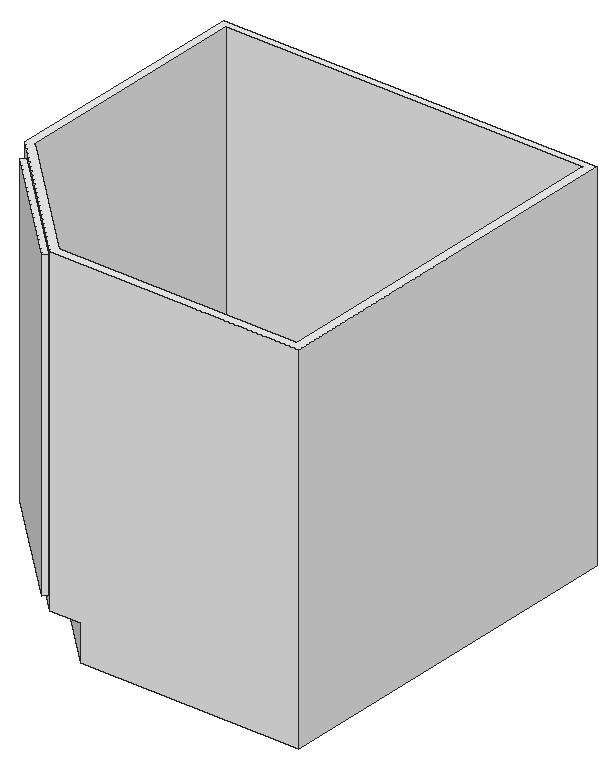
Revit family "6bdf623a625f4d3c9a48bb29ff7fbe1b", category Casework, Revit 2021
Family settings
  OmniClass Number = 23.40.35.17.47.11
  OmniClass Title = Kitchen Casework
  Seek Item ID = Base Cabinet-Corner Unit-Angled-0000-USA-ENU
  Work Plane-Based = No
  Always vertical = Yes
  Cut with Voids When Loaded = No
  Shared = No
  Room Calculation Point = No
Parameters (values of type "36"")
  Default Elevation = 0' - 0"
  Assembly Code = "C1030410"
  Cabinet Material = none
  Depth = 3' - 0"
  Door/Drawer Material = none
  Height = 2' - 10 1/2"
  Toe Height = 0' - 3 1/2"
  Width = Depth  # 3' - 0"
Reference planes (in)
  plane 1 "Back": y = 0
  plane 2: z = 0
  plane 3 "Left": x = -15.2623
  plane 4 "Right": x = 20.7377
  plane 5 "Front": y = -36
  plane 6 "Top": z = 34.5
  plane 7: z = 3.5
  plane 8: z = 33.75
  plane 9: z = 4.25
  plane 10: x = -14.5123
  plane 11: x = 19.9877
  plane 12: z = 32.25
  plane 13: z = 28.25
  plane 14: y = -24
  plane 15: x = -3.2623
  plane 16: y = -21
  plane 17: x = -0.2623
Forms (in)
  Extrusion 1, solid, material <- "Cabinet Material"
    sketch origin (0, 0, 0) x (1, 0, 0) y (0, 1, 0)
      loop
        line (-15.2623, 0) -> (-15.2623, -21.0245) -> (-0.2623, -36) -> (20.7377, -36) -> (20.7377, 0) -> (-15.2623, 0)
    from 0 to 3.5
  Extrusion 2, solid, material <- "Cabinet Material"
    sketch origin (0, 0, 0) x (1, 0, 0) y (0, 1, 0)
      loop
        line (-14.5123, -0.75) -> (-14.5123, -23.71432) -> (-2.9521, -35.25) -> (19.9877, -35.25) -> (19.9877, -0.75) -> (-14.5123, -0.75)
    from 4.25 to 3.5
  Extrusion 3, solid, material <- "Cabinet Material"
    sketch origin (0, 0, 0) x (1, 0, 0) y (0, 1, 0)
      loop
        line (-15.2623, 0) -> (-15.2623, -24.02544) -> (-14.5123, -23.71432) -> (-14.5123, -0.75) -> (19.9877, -0.75) -> (19.9877, -35.25) -> (-2.9521, -35.25) -> (-3.2623, -36) -> (20.7377, -36) -> (20.7377, 0) -> (-15.2623, 0)
    from 3.5 to 34.5
  Extrusion 4, solid, material <- "Cabinet Material"
    sketch origin (0, 0, 0) x (1, 0, 0) y (0, 1, 0)
      loop
        line (-15.2623, -24.02544) -> (-3.2623, -36) -> (-2.9521, -35.25) -> (-14.5123, -23.71432) -> (-15.2623, -24.02544)
    from 3.5 to 34.5
  Extrusion 5, void
    sketch origin (-15.2623, -24.02544, 34.5) x (0, 0, 1) y (0.707857, -0.706356, 0)
      loop
        line (-0.75, 1.2182) -> (-0.75, 15.96819) -> (-30.25, 15.96819) -> (-30.25, 1.2182) -> (-0.75, 1.2182)
    from 0 to 0.75
  Extrusion 6, solid, material <- "Door/Drawer Material"
    sketch origin (-15.2623, -24.02544, 34.5) x (0, 0, -1) y (0.707857, -0.706356, 0)
      loop
        line (0.75, 1.2182) -> (30.25, 1.2182) -> (30.25, 15.96819) -> (0.75, 15.96819) -> (0.75, 1.2182)
    from -0.75 to 0.5
Cuts and joins
  Extrusion 5 cuts Extrusion 2
  Extrusion 5 cuts Extrusion 1
  Extrusion 5 cuts Extrusion 3
  Extrusion 5 cuts Extrusion 4
  joined: Extrusion 1, Extrusion 3, Extrusion 4
Lines and regions (in)
  Masking region 1
    outline origin (0, 0, 0) x (1, 0, 0) y (0, 1, 0)
      loop
        line (-15.2623, 0) -> (-15.2623, -24) -> (-3.2623, -36) -> (20.7377, -36) -> (20.7377, 0) -> (-15.2623, 0)
Dimensions and locks (in)
  "Depth": plane 5 "Front" to plane 1 "Back"
  "Depth": plane 3 "Left" to plane 4 "Right"
  "Height": level to plane 6 "Top"
  "Toe Height": plane 2 to plane 7
  locked: plane 3 "Left" to plane 10 at 0.75
  locked: plane 11 to plane 4 "Right" at 0.75
  locked: plane 6 "Top" to plane 8 at 0.75
  locked: plane 9 to plane 7 at 0.75
  locked: plane 12 to plane 13 at 4
  plane 8 to plane 12 = 0' - 1 1/2"
  plane 5 "Front" to plane 14 = 1' - 0"
  plane 3 "Left" to plane 15 = 1' - 0"
  plane 14 to plane 16 = 0' - 3"
  plane 15 to plane 17 = 0' - 3"
  aligned and locked: plane 1 "Back" to Extrusion 1 sketch curve
  aligned and locked: plane 4 "Right" to Extrusion 1 sketch curve
  aligned and locked: Extrusion 1 sketch curve to plane 3 "Left"
  aligned and locked: Extrusion 1 to level
  aligned and locked: Extrusion 2 to plane 9
  aligned and locked: plane 7 to Extrusion 2
  aligned and locked: Extrusion 1 to plane 7
  aligned and locked: Extrusion 1 sketch curve to plane 5 "Front"
  aligned and locked: Extrusion 3 to plane 6 "Top"
  aligned and locked: plane 7 to Extrusion 3
  aligned and locked: Extrusion 4 to plane 6 "Top"
  aligned and locked: plane 7 to Extrusion 4
  aligned and locked: plane 8 to Extrusion 6 sketch curve
  aligned and locked: Extrusion 6 sketch curve to plane 9
  aligned and locked: Extrusion 6 to cut or joined group of Extrusion 2, Extrusion 5
  aligned and locked: plane 14 to Masking region 1 sketch curve
  aligned and locked: plane 3 "Left" to Masking region 1 sketch curve
  aligned and locked: plane 15 to Masking region 1 sketch curve
  aligned and locked: plane 5 "Front" to Masking region 1 sketch curve
  aligned and locked: plane 1 "Back" to Masking region 1 sketch curve
  aligned and locked: plane 4 "Right" to Masking region 1 sketch curve
  aligned and locked: Masking region 1 sketch curve to plane 5 "Front"
Automatic sketch dimensions
  Extrusion 1 sketch curve to plane 17 = 0' - 0"
  plane 16 to Extrusion 1 sketch curve = 0' - 0.0245"
  Extrusion 3 sketch curve to plane 1 "Back" = 0' - 0"
  Extrusion 3 sketch curve to plane 3 "Left" = 0' - 0"
  Extrusion 3 sketch curve to plane 10 = 0' - 0"
  Extrusion 3 sketch curve to plane 5 "Front" = 0' - 0"
  Extrusion 3 sketch curve to plane 15 = 0' - 0"
  Extrusion 3 sketch curve to plane 11 = 0' - 0"
  Extrusion 3 sketch curve to plane 4 "Right" = 0' - 0"
  plane 15 to Extrusion 3 sketch curve = 0' - 0.31019"
  Extrusion 3 sketch curve to plane 5 "Front" = 0' - 0 3/4"
  plane 14 to Extrusion 3 sketch curve = 0' - 0.02544"
  Extrusion 3 sketch curve to plane 14 = 0' - 0.28568"
  plane 1 "Back" to Extrusion 3 sketch curve = 0' - 0 3/4"
  Extrusion 4 sketch curve to plane 3 "Left" = 0' - 0"
  Extrusion 4 sketch curve to plane 10 = 0' - 0"
  Extrusion 4 sketch curve to plane 5 "Front" = 0' - 0"
  Extrusion 4 sketch curve to plane 15 = 0' - 0"
  plane 15 to Extrusion 4 sketch curve = 0' - 0.31019"
  Extrusion 4 sketch curve to plane 5 "Front" = 0' - 0 3/4"
  plane 14 to Extrusion 4 sketch curve = 0' - 0.02544"
  Extrusion 4 sketch curve to plane 14 = 0' - 0.28568"
  Extrusion 2 sketch curve to plane 10 = 0' - 0"
  Extrusion 2 sketch curve to plane 11 = 0' - 0"
  plane 15 to Extrusion 2 sketch curve = 0' - 0.31019"
  Extrusion 2 sketch curve to plane 5 "Front" = 0' - 0 3/4"
  Extrusion 2 sketch curve to plane 14 = 0' - 0.28568"
  plane 1 "Back" to Extrusion 2 sketch curve = 0' - 0 3/4"
  Extrusion 5 sketch curve to plane 9 = 0' - 0"
  Extrusion 5 sketch curve to plane 8 = 0' - 0"
  Extrusion 5 sketch curve to Extrusion 5 sketch curve = 1' - 2 3/4"
  Extrusion 6 sketch curve to Extrusion 6 sketch curve = 1' - 2 3/4"
